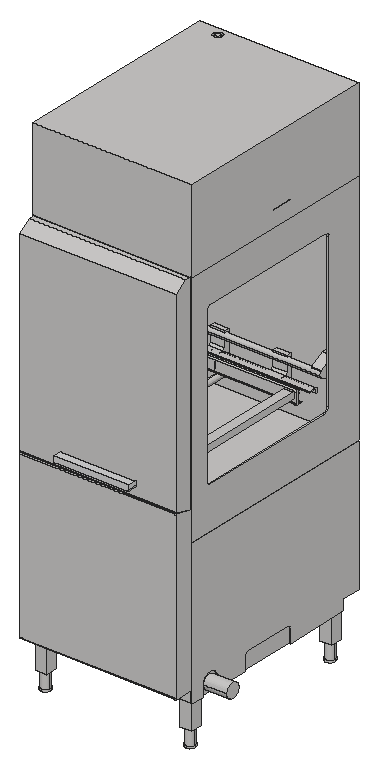
Revit family "QF_ELECTROLUXPROFESSIONAL_535036_EMPWEEW", category Specialty Equipment, Revit 2018
Family settings
  Round Connector Dimension = Use Diameter
  Part Type = Normal
  Work Plane-Based = No
  Always vertical = Yes
  Cut with Voids When Loaded = No
  Shared = No
  Room Calculation Point = No
Parameters
  Weight = 0.00 kg
  Watts = 0 W
  Volts = 380 V
  URL Manufacturer = "http://professional.electrolux.com/"
  URL = "http://professional.electrolux.com/"
  Steam Supply Size = 0 mm
  Steam Supply Minimum Pressure = 0.0 Pa
  Steam Supply Maximum Pressure = 0.0 Pa
  Steam Pounds per Hour = 0
  Show Clearance [instance] = yes
  Refrigeration Suction Line Size = 0 mm
  Refrigeration Liquid Line Size = 0 mm
  Refrigerant Compressor Remote = yes
  Manufacturer = "Electrolux"
  Phase = 3
  Model = "EMPWEEW"
  Length Actual = 555 mm  # constant formula
  Item Number = "535036"
  Hot Water Size = 0 mm
  Height Actual = 1785 mm  # constant formula
  HP = "9.9 HP"
  Gas Size = 0 mm
  Gas KW = 0
  Gas Input Pressure = 0 W
  Direct Waste Size = 50 mm
  Description = "MEDIUM PRE-WASH MODULE RT-ELE.ESD"
  Depth Actual = 825 mm  # constant formula
  Cycle = 50 Hz
  Condensate Return Size = 0 mm
  Compressed Air Volume = 0.0 L/s
  Compressed Air Size = 0 mm
  Compressed Air Pressure = 0.0 Pa
  Cold Water Size = 0 mm
  Accessory = yes
Reference planes
  plane 1 "Center X": y = -14.242
  plane 2: z = 0
  plane 3 "Center Y": x = 293.437
  plane 4 "LEFT": x = 13.437
  plane 5 "RIGHT": x = 573.437
  plane 6 "BACK": y = 383.258
  plane 7 "FRONT": y = -411.742
  plane 8: z = 150
  plane 9: z = 2095
  plane 10: z = 185
  plane 11 "TOP": z = 1785
Forms (mm)
  Extrusion 1, solid, material "QF_Clearance", visible <- "Show Clearance", detail levels coarse
    sketch origin (0, 0, 0) x (1, 0, 0) y (0, 1, 0)
      loop
        line (13.437, 383.258) -> (573.437, 383.258) -> (573.437, 433.258) -> (13.437, 433.258) -> (13.437, 383.258)
    from 0 to 1785
  Extrusion 2, solid, material "QF_Finishes_Stainless Steel"
    sketch origin (13.437, 437.565, 4000) x (0, 1, 0) y (0, 0, 1)
      loop
        line (-54.307, -2507) -> (-786.807, -2507) -> (-786.807, -3337)
        arc (-786.807, -3337) -> (-785.343, -3340.536) -> (-781.807, -3342) r 5
        line (-781.807, -3342) -> (-59.307, -3342)
        arc (-59.307, -3342) -> (-55.772, -3340.536) -> (-54.307, -3337) r 5
        line (-54.307, -3337) -> (-54.307, -2507)
      loop
        line (-203.511, -2625.157) -> (-705.104, -2625.157)
        arc (-705.104, -2625.157) -> (-717.267, -2630.195) -> (-722.305, -2642.358) r 17.201
        line (-722.305, -2642.358) -> (-722.305, -3177.057)
        arc (-722.305, -3177.057) -> (-717.267, -3189.22) -> (-705.104, -3194.258) r 17.201
        line (-705.104, -3194.258) -> (-203.511, -3194.258)
        arc (-203.511, -3194.258) -> (-191.348, -3189.22) -> (-186.31, -3177.057) r 17.201
        line (-186.31, -3177.057) -> (-186.31, -2642.358)
        arc (-186.31, -2642.358) -> (-191.348, -2630.195) -> (-203.511, -2625.157) r 17.201
    from 0 to 5
  Extrusion 3, solid, material "QF_Finishes_Stainless Steel"
    sketch origin (293.437, 0, 0) x (0, 1, 0) y (0, 0, 1)
      loop
        line (383.258, 1785) -> (-349.242, 1785) -> (-349.242, 1493) -> (383.258, 1493) -> (383.258, 1785)
    from -280 to 280
  Extrusion 4, solid, material "QF_Finishes_Stainless Steel"
    sketch origin (293.437, 0, 0) x (0, 1, 0) y (0, 0, 1)
      loop
        line (383.258, 1493) -> (-349.242, 1493) -> (-349.242, 150) -> (315.758, 150) -> (315.758, 188) -> (383.258, 188) -> (383.258, 1493)
      loop
        line (315.758, 1443) -> (-324.242, 1443) -> (-324.242, 708) -> (315.758, 708) -> (315.758, 1443)
    from -275 to 275
  Extrusion 5, solid, material "QF_Finishes_Stainless Steel"
    sketch origin (13.437, 437.565, 4000) x (0, 1, 0) y (0, 0, 1)
      loop
        line (-59.307, -3344) -> (-781.807, -3344)
        arc (-781.807, -3344) -> (-785.343, -3345.464) -> (-786.807, -3349) r 5
        line (-786.807, -3349) -> (-786.807, -3850) -> (-740.31, -3850) -> (-740.31, -3815)
        arc (-740.31, -3815) -> (-707.31, -3782) -> (-674.31, -3815) r 33
        line (-674.31, -3815) -> (-674.31, -3850) -> (-554.307, -3850) -> (-554.307, -3805)
        arc (-554.307, -3805) -> (-549.914, -3794.393) -> (-539.307, -3790) r 15
        line (-539.307, -3790) -> (-369.307, -3790)
        arc (-369.307, -3790) -> (-358.701, -3794.393) -> (-354.307, -3805) r 15
        line (-354.307, -3805) -> (-354.307, -3850) -> (-121.807, -3850) -> (-121.807, -3812) -> (-54.307, -3812) -> (-54.307, -3349)
        arc (-54.307, -3349) -> (-55.772, -3345.464) -> (-59.307, -3344) r 5
    from 0 to 5
  Extrusion 6, solid, material "QF_Finishes_Stainless Steel"
    sketch origin (573.437, 479.936, 4000) x (0, 1, 0) y (0, 0, 1)
      loop
        line (-96.678, -2507) -> (-829.178, -2507) -> (-829.178, -3337)
        arc (-829.178, -3337) -> (-827.714, -3340.536) -> (-824.178, -3342) r 5
        line (-824.178, -3342) -> (-101.678, -3342)
        arc (-101.678, -3342) -> (-98.142, -3340.536) -> (-96.678, -3337) r 5
        line (-96.678, -3337) -> (-96.678, -2507)
      loop
        line (-245.882, -2625.157) -> (-747.475, -2625.157)
        arc (-747.475, -2625.157) -> (-759.638, -2630.195) -> (-764.676, -2642.358) r 17.201
        line (-764.676, -2642.358) -> (-764.676, -3177.057)
        arc (-764.676, -3177.057) -> (-759.638, -3189.22) -> (-747.475, -3194.258) r 17.201
        line (-747.475, -3194.258) -> (-245.882, -3194.258)
        arc (-245.882, -3194.258) -> (-233.718, -3189.22) -> (-228.68, -3177.057) r 17.201
        line (-228.68, -3177.057) -> (-228.68, -2642.358)
        arc (-228.68, -2642.358) -> (-233.718, -2630.195) -> (-245.882, -2625.157) r 17.201
    from -5 to 0
  Extrusion 7, solid, material "QF_Finishes_Stainless Steel"
    sketch origin (573.437, 479.936, 4000) x (0, 1, 0) y (0, 0, 1)
      loop
        line (-101.678, -3344) -> (-824.178, -3344)
        arc (-824.178, -3344) -> (-827.714, -3345.464) -> (-829.178, -3349) r 5
        line (-829.178, -3349) -> (-829.178, -3850) -> (-782.68, -3850) -> (-782.68, -3815)
        arc (-782.68, -3815) -> (-749.68, -3782) -> (-716.68, -3815) r 33
        line (-716.68, -3815) -> (-716.68, -3850) -> (-596.678, -3850) -> (-596.678, -3805)
        arc (-596.678, -3805) -> (-592.285, -3794.393) -> (-581.678, -3790) r 15
        line (-581.678, -3790) -> (-411.678, -3790)
        arc (-411.678, -3790) -> (-401.071, -3794.393) -> (-396.678, -3805) r 15
        line (-396.678, -3805) -> (-396.678, -3850) -> (-164.178, -3850) -> (-164.178, -3812) -> (-96.678, -3812) -> (-96.678, -3349)
        arc (-96.678, -3349) -> (-98.142, -3345.464) -> (-101.678, -3344) r 5
    from -5 to 0
  Extrusion 8, void
    sketch origin (293.437, 383.258, 1785) x (1, 0, 0) y (0, -1, 0)
      loop
        circle (-188, 33.75) r 8
      loop
        circle (-188, 33.75) r 16
    from 0 to 5
Cuts and joins
  Extrusion 8 cuts Extrusion 3
Lines and regions (mm)
  symbolic lines, style "QF_Clearances", visible <- "Show Clearance", detail levels coarse
    curve 1: line (573.437, 433.258, 1785) -> (13.437, 433.258, 1785)
  symbolic lines
    curve 2: line (13.437, 383.258, 0) -> (573.437, 383.258, 0)
    curve 3: line (13.437, -349.242, 0) -> (13.437, 383.258, 0)
    curve 4: line (573.437, -349.242, 0) -> (13.437, -349.242, 0)
    curve 5: line (573.437, 383.258, 0) -> (573.437, -349.242, 0)
    curve 6: line (13.437, 315.758, 0) -> (573.437, 315.758, 0)
Dimensions and locks
  plane 4 "LEFT" to plane 5 "RIGHT" = 560 mm
  equal spacing: plane 6 "BACK", plane 1 "Center X", plane 7 "FRONT"
  plane 6 "BACK" to plane 7 "FRONT" = 795 mm
  plane 8 to level = 150 mm
  Extrusion 1 to Extrusion 8 sketch curve = 92 mm
  locked: Extrusion 5 to plane 4 "LEFT" at 5
  locked: plane 5 "RIGHT" to Extrusion 7 at 5
  aligned and locked: level to plane 2
  aligned and locked: plane 4 "LEFT" to nested 5
  aligned and locked: plane 5 "RIGHT" to nested 4
  aligned and locked: cut or joined group of Extrusion 3, Extrusion 8 to plane 4 "LEFT"
  aligned and locked: plane 5 "RIGHT" to cut or joined group of Extrusion 3, Extrusion 8
  aligned and locked: Extrusion 6 to Extrusion 7
  aligned and locked: Extrusion 4 to Extrusion 7
  aligned and locked: Extrusion 4 to Extrusion 5
  aligned and locked: curve 2 to plane 6 "BACK"
  aligned and locked: curve 5 to plane 5 "RIGHT"
  aligned and locked: plane 4 "LEFT" to curve 3
  aligned and locked: curve 4 to Extrusion 4
  aligned and locked: plane 11 "TOP" to Extrusion 1
  aligned and locked: plane 3 "Center Y" to nested 3
  aligned and locked: nested 2 to nested 1
  aligned and locked: nested 7 to nested 6
Automatic sketch dimensions
  Extrusion 1 sketch curve to plane 4 "LEFT" = 0 mm
  Extrusion 1 sketch curve to plane 5 "RIGHT" = 0 mm
  Extrusion 1 sketch curve to plane 6 "BACK" = 0 mm
  plane 6 "BACK" to Extrusion 1 sketch curve = 50 mm
  Extrusion 2 sketch curve to plane 6 "BACK" = 0 mm
  Extrusion 2 sketch curve to Extrusion 2 sketch curve = 5 mm  (x2)
  Extrusion 2 sketch curve to plane 6 "BACK" = 132.002 mm  (x2)
  Extrusion 2 sketch curve to Extrusion 2 sketch curve = 17.201 mm  (x3)
  plane 7 "FRONT" to Extrusion 2 sketch curve = 144.203 mm  (x2)
  plane 7 "FRONT" to Extrusion 2 sketch curve = 67.5 mm
  plane 10 to Extrusion 2 sketch curve = 473 mm
  Extrusion 2 sketch curve to Extrusion 2 sketch curve = 142.742 mm
  Extrusion 2 sketch curve to Extrusion 2 sketch curve = 0 mm  (x2)
  Extrusion 2 sketch curve to Extrusion 2 sketch curve = 534.698 mm
  Extrusion 2 sketch curve to Extrusion 2 sketch curve = 135.358 mm
  Extrusion 3 sketch curve to plane 6 "BACK" = 0 mm
  plane 7 "FRONT" to Extrusion 3 sketch curve = 62.5 mm
  Extrusion 3 sketch curve to Extrusion 3 sketch curve = 292 mm
  Extrusion 4 sketch curve to plane 8 = 0 mm
  Extrusion 4 sketch curve to plane 6 "BACK" = 0 mm
  plane 10 to Extrusion 4 sketch curve = 3 mm
  Extrusion 4 sketch curve to plane 6 "BACK" = 67.5 mm  (x2)
  plane 7 "FRONT" to Extrusion 4 sketch curve = 87.5 mm
  plane 7 "FRONT" to Extrusion 4 sketch curve = 62.5 mm
  Extrusion 4 sketch curve to Extrusion 4 sketch curve = 520 mm
  Extrusion 4 sketch curve to Extrusion 4 sketch curve = 50 mm
  Extrusion 5 sketch curve to plane 8 = 0 mm  (x3)
  Extrusion 5 sketch curve to plane 10 = 0 mm  (x2)
  Extrusion 5 sketch curve to plane 6 "BACK" = 0 mm
  Extrusion 5 sketch curve to plane 6 "BACK" = 5 mm
  plane 10 to Extrusion 5 sketch curve = 3 mm
  Extrusion 5 sketch curve to Extrusion 5 sketch curve = 67.5 mm
  Extrusion 5 sketch curve to plane 1 "Center X" = 97.5 mm
  Extrusion 5 sketch curve to Extrusion 5 sketch curve = 15 mm  (x2)
  plane 10 to Extrusion 5 sketch curve = 25 mm
  plane 1 "Center X" to Extrusion 5 sketch curve = 87.5 mm
  Extrusion 5 sketch curve to Extrusion 5 sketch curve = 120.002 mm
  Extrusion 5 sketch curve to Extrusion 5 sketch curve = 33 mm
  plane 7 "FRONT" to Extrusion 5 sketch curve = 67.5 mm
  Extrusion 5 sketch curve to Extrusion 5 sketch curve = 46.498 mm
  plane 10 to Extrusion 5 sketch curve = 466 mm
  Extrusion 6 sketch curve to plane 6 "BACK" = 0 mm
  Extrusion 6 sketch curve to plane 6 "BACK" = 5 mm
  Extrusion 6 sketch curve to plane 6 "BACK" = 132.002 mm  (x2)
  Extrusion 6 sketch curve to Extrusion 6 sketch curve = 17.201 mm  (x3)
  plane 7 "FRONT" to Extrusion 6 sketch curve = 144.203 mm  (x2)
  plane 7 "FRONT" to Extrusion 6 sketch curve = 67.5 mm
  Extrusion 6 sketch curve to Extrusion 6 sketch curve = 5 mm
  plane 10 to Extrusion 6 sketch curve = 473 mm
  Extrusion 6 sketch curve to Extrusion 6 sketch curve = 142.742 mm
  Extrusion 6 sketch curve to Extrusion 6 sketch curve = 0 mm  (x2)
  Extrusion 6 sketch curve to Extrusion 6 sketch curve = 534.698 mm
  Extrusion 6 sketch curve to Extrusion 6 sketch curve = 135.358 mm
  Extrusion 7 sketch curve to plane 8 = 0 mm  (x3)
  Extrusion 7 sketch curve to plane 10 = 0 mm  (x2)
  Extrusion 7 sketch curve to plane 6 "BACK" = 0 mm
  Extrusion 7 sketch curve to plane 6 "BACK" = 5 mm
  plane 10 to Extrusion 7 sketch curve = 3 mm
  Extrusion 7 sketch curve to plane 6 "BACK" = 67.5 mm
  Extrusion 7 sketch curve to plane 1 "Center X" = 97.5 mm
  Extrusion 7 sketch curve to Extrusion 7 sketch curve = 15 mm  (x2)
  plane 10 to Extrusion 7 sketch curve = 25 mm
  plane 1 "Center X" to Extrusion 7 sketch curve = 87.5 mm
  Extrusion 7 sketch curve to Extrusion 7 sketch curve = 120.002 mm
  Extrusion 7 sketch curve to Extrusion 7 sketch curve = 33 mm
  plane 7 "FRONT" to Extrusion 7 sketch curve = 67.5 mm
  Extrusion 7 sketch curve to Extrusion 7 sketch curve = 46.498 mm
  plane 10 to Extrusion 7 sketch curve = 466 mm
  Extrusion 8 sketch curve to Extrusion 8 sketch curve = 0 mm  (x2)
  Extrusion 3 to Extrusion 8 sketch curve = 33.75 mm
  curve 1 to Extrusion 3 = 0 mm  (x2)
  curve 1 to Extrusion 3 = 50 mm
  curve 6 to plane 6 "BACK" = 67.5 mm
  Extrusion 3 sketch curve to plane 11 "TOP" = 0 mm
  Extrusion 4 sketch curve to plane 11 "TOP" = 342 mm
  radius of Extrusion 8 sketch curve = 8 mm
  radius of Extrusion 8 sketch curve = 16 mm
Nested families
  nested 1: "Foot_40x40_H150" at (547.437, -324.742, 0), type "Foot_40x40_H150"
  nested 2: "Foot_40x40_H150" at (547.437, 291.258, 0), type "Foot_40x40_H150"
  nested 3: "Basket_Guide+Wash_Arm_22''" at (0, 0, 0), type "Basket_Guide+Wash_Arm_22''"
  nested 4: "Drain_DX" at (-610, 0, 0), type "Drain_DX"
  nested 5: "HWI-CWI_DX" at (610, 0, 0), type "HWI-CWI_DX"
  nested 6: "Foot_40x40_H150" at (39.437, -324.742, 0) x (-1, 0, 0) z (0, 0, 1), type "Foot_40x40_H150"
  nested 7: "Foot_40x40_H150" at (39.437, 291.258, 0) x (-1, 0, 0) z (0, 0, 1), type "Foot_40x40_H150"
  nested 8: "Door_22''" at (50, 0, 0), Show Clearance <- "Show Clearance", type "Door_22''"
Connectors
  piping at (653.437, -269.744, 185), diameter 50
    settings: on nested 4, index 2, connector inside diameter 609.6 mm, connector length 0 mm, flow factor 0, pipe flow 0.0 L/s, pressure drop 0.0 Pa, fitting loss kfactor 0, connector angle 0.00°, fixture units 0, engagement length 0 mm, angle of deflection 0.00°, flow configuration 1, flow direction 2, fitting loss method 0, system type 16, joint type 0, gender type 0, connector reference index -1, connector utility 0, adjustable connector no, is connector primary yes, connector description "Drain"
  piping at (-66.563, 53.258, 185), diameter 36
    settings: on nested 5, index 3, connector inside diameter 609.6 mm, connector length 0 mm, flow factor 0, pipe flow 0.0 L/s, pressure drop 0.0 Pa, fitting loss kfactor 0, connector angle 0.00°, fixture units 0, engagement length 0 mm, angle of deflection 0.00°, flow configuration 1, flow direction 1, fitting loss method 0, system type 19, joint type 0, gender type 0, connector reference index -1, connector utility 0, adjustable connector no, is connector primary no, connector description "Hot Water Inlet"
  piping at (-66.563, -86.742, 185), diameter 36
    settings: on nested 5, index 4, connector inside diameter 609.6 mm, connector length 0 mm, flow factor 0, pipe flow 0.0 L/s, pressure drop 0.0 Pa, fitting loss kfactor 0, connector angle 0.00°, fixture units 0, engagement length 0 mm, angle of deflection 0.00°, flow configuration 1, flow direction 1, fitting loss method 0, system type 20, joint type 0, gender type 0, connector reference index -1, connector utility 0, adjustable connector no, is connector primary no, connector description "Cold Water Inlet"
  electrical at (105.437, 349.508, 1785), driven by "Volts"
    settings: on cut or joined group of Extrusion 3, Extrusion 8, index 5, voltage 380 V, apparent load 0 VA, apparent load phase1 0 VA, apparent load phase2 0 VA, apparent load phase3 0 VA, power factor 1, load classification "Altro", number of poles 1, system type 30, power factor state 1, is connector primary yes, connector utility no, sub classification motor no, connector description "Electrical Connection"
Definition of nested family "Foot_40x40_H150"
  Reference planes
    plane 1 "Centro (Fronte/Retro)": y = 0
    plane 2: z = 0
    plane 3 "Centro (Sinistra/Destra)": x = 0
    plane 4: z = 150
  Forms (mm)
    Extrusion 1, solid
      sketch origin (0, 0, 0) x (1, 0, 0) y (0, 1, 0)
        loop
          circle (0, 0) r 18
      from 0 to 5
    Extrusion 2, solid
      sketch origin (0, 0, 5) x (1, 0, 0) y (0, 1, 0)
        loop
          circle (0, 0) r 15
      from 0 to 55
    Extrusion 3, solid
      sketch origin (0, 0, 60) x (1, 0, 0) y (0, 1, 0)
        loop
          line (-20, 20) -> (-20, -20) -> (20, -20) -> (20, 20) -> (-20, 20)
      from 0 to 90
  Dimensions and locks
    aligned and locked: level to plane 2
    aligned and locked: plane 4 to Extrusion 3
    aligned and locked: Extrusion 1 to level
Definition of nested family "Basket_Guide+Wash_Arm_22''"
  Reference planes
    plane 1 "Center X": y = -14.242
    plane 2: z = 0
    plane 3 "Center Y": x = 293.437
    plane 4 "LEFT": x = 13.437
    plane 5 "RIGHT": x = 573.437
    plane 6 "BACK": y = 383.258
    plane 7 "FRONT": y = -411.742
    plane 8: z = 150
    plane 9 "TOP": z = 1785
    plane 10: z = 875
  Forms (mm)
    Extrusion 1, solid
      sketch origin (293.437, 0, 0) x (0, 1, 0) y (0, 0, 1)
        loop
          line (-276.187, 929.245) -> (-324.242, 956.99) -> (-324.242, 879.81) -> (-276.187, 907.554) -> (-276.187, 929.245)
        loop
          line (247.703, 929.245) -> (247.703, 907.554) -> (295.758, 879.81) -> (315.758, 879.81) -> (315.758, 956.99) -> (295.758, 956.99) -> (247.703, 929.245)
      from 259 to 223
    Extrusion 2, solid
      sketch origin (293.437, 0, 0) x (0, 1, 0) y (0, 0, 1)
        loop
          line (-279.487, 880.8) -> (-279.487, 933.4) -> (-296.908, 933.4) -> (-296.908, 856.308) -> (-244.984, 804.385) -> (-236.263, 763.388) -> (-235.285, 763.596) -> (-244.068, 804.882) -> (-272.884, 833.698) -> (-236.487, 833.698) -> (-236.487, 855.89) -> (-256.487, 855.89) -> (-256.487, 872.8) -> (-271.487, 872.8) -> (-279.487, 880.8)
        loop
          line (251.003, 880.8) -> (243.003, 872.8) -> (228.003, 872.8) -> (228.003, 855.89) -> (208.003, 855.89) -> (208.003, 833.698) -> (245.814, 833.698) -> (268.424, 856.308) -> (268.424, 933.4) -> (251.003, 933.4) -> (251.003, 880.8)
        loop
          line (-251.685, 1443) -> (-251.685, 1420.164) -> (-229.067, 1380.988) -> (-227.335, 1381.988) -> (-249.685, 1420.7) -> (-249.685, 1443) -> (-251.685, 1443)
      from 135 to 85
    Extrusion 3, solid
      sketch origin (293.437, 0, 0) x (0, 1, 0) y (0, 0, 1)
        loop
          line (-234.318, 858) -> (-234.318, 836) -> (205.835, 836) -> (205.835, 858) -> (-234.318, 858)
      from 195 to 160
    Extrusion 4, solid
      sketch origin (293.437, 0, 0) x (0, 1, 0) y (0, 0, 1)
        loop
          line (-276.187, 929.245) -> (-324.242, 956.99) -> (-324.242, 879.81) -> (-276.187, 907.554) -> (-276.187, 929.245)
        loop
          line (247.703, 929.245) -> (247.703, 907.554) -> (295.758, 879.81) -> (315.758, 879.81) -> (315.758, 956.99) -> (295.758, 956.99) -> (247.703, 929.245)
      from -259 to -223
    Extrusion 5, solid
      sketch origin (293.437, 0, 0) x (0, 1, 0) y (0, 0, 1)
        loop
          circle (-279.187, 918.4) r 10
        loop
          circle (250.703, 918.4) r 10
      from -259 to 259
    Extrusion 6, solid
      sketch origin (293.437, 0, 0) x (0, 1, 0) y (0, 0, 1)
        loop
          line (-279.487, 880.8) -> (-279.487, 933.4) -> (-296.908, 933.4) -> (-296.908, 856.308) -> (-244.984, 804.385) -> (-236.263, 763.388) -> (-235.285, 763.596) -> (-244.068, 804.882) -> (-272.884, 833.698) -> (-236.487, 833.698) -> (-236.487, 855.89) -> (-256.487, 855.89) -> (-256.487, 872.8) -> (-271.487, 872.8) -> (-279.487, 880.8)
        loop
          line (251.003, 880.8) -> (243.003, 872.8) -> (228.003, 872.8) -> (228.003, 855.89) -> (208.003, 855.89) -> (208.003, 833.698) -> (245.814, 833.698) -> (268.424, 856.308) -> (268.424, 933.4) -> (251.003, 933.4) -> (251.003, 880.8)
        loop
          line (-251.685, 1443) -> (-251.685, 1420.164) -> (-229.067, 1380.988) -> (-227.335, 1381.988) -> (-249.685, 1420.7) -> (-249.685, 1443) -> (-251.685, 1443)
      from -135 to -85
    Extrusion 7, solid
      sketch origin (293.437, 0, 0) x (0, 1, 0) y (0, 0, 1)
        loop
          line (240.615, 858) -> (242.615, 858) -> (242.615, 870.68)
          arc (242.615, 870.68) -> (241.349, 873.735) -> (238.294, 875) r 4.32
          line (238.294, 875) -> (210.615, 875) -> (210.615, 873) -> (238.294, 873)
          arc (238.294, 873) -> (239.935, 872.32) -> (240.615, 870.68) r 2.32
          line (240.615, 870.68) -> (240.615, 858)
        loop
          line (-269.098, 858) -> (-269.098, 870.68)
          arc (-269.098, 870.68) -> (-268.419, 872.32) -> (-266.778, 873) r 2.32
          line (-266.778, 873) -> (-239.098, 873) -> (-239.098, 875) -> (-266.778, 875)
          arc (-266.778, 875) -> (-269.833, 873.735) -> (-271.098, 870.68) r 4.32
          line (-271.098, 870.68) -> (-271.098, 858) -> (-269.098, 858)
      from -245 to 245
    Extrusion 8, solid
      sketch origin (293.437, 0, 0) x (0, 1, 0) y (0, 0, 1)
        loop
          line (207.835, 825.32) -> (207.835, 861.68)
          arc (207.835, 861.68) -> (208.514, 863.32) -> (210.155, 864) r 2.32
          line (210.155, 864) -> (227.835, 864) -> (227.835, 866) -> (210.155, 866)
          arc (210.155, 866) -> (207.1, 864.735) -> (205.835, 861.68) r 4.32
          line (205.835, 861.68) -> (205.835, 825.32)
          arc (205.835, 825.32) -> (207.1, 822.265) -> (210.155, 821) r 4.32
          line (210.155, 821) -> (227.835, 821) -> (227.835, 823) -> (210.155, 823)
          arc (210.155, 823) -> (208.514, 823.679) -> (207.835, 825.32) r 2.32
        loop
          arc (-236.318, 825.32) -> (-236.998, 823.679) -> (-238.639, 823) r 2.32
          line (-238.639, 823) -> (-256.318, 823) -> (-256.318, 821) -> (-238.639, 821)
          arc (-238.639, 821) -> (-235.584, 822.265) -> (-234.318, 825.32) r 4.32
          line (-234.318, 825.32) -> (-234.318, 861.68)
          arc (-234.318, 861.68) -> (-235.584, 864.735) -> (-238.639, 866) r 4.32
          line (-238.639, 866) -> (-256.318, 866) -> (-256.318, 864) -> (-238.639, 864)
          arc (-238.639, 864) -> (-236.998, 863.32) -> (-236.318, 861.68) r 2.32
          line (-236.318, 861.68) -> (-236.318, 825.32)
      from -205 to 205
    Extrusion 9, solid
      sketch origin (293.437, 0, 0) x (0, 1, 0) y (0, 0, 1)
        loop
          line (-234.318, 858) -> (-234.318, 836) -> (205.835, 836) -> (205.835, 858) -> (-234.318, 858)
      from -195 to -160
    Extrusion 10, solid
      sketch origin (128.437, 315.758, 1443) x (0, 0, 1) y (-1, 0, 0)
        loop
          line (-650.516, -267.5) -> (-663.507, -260) -> (-676.497, -267.5) -> (-676.497, -282.5) -> (-663.507, -290) -> (-650.516, -282.5) -> (-650.516, -267.5)
        loop
          line (-22.01, -267.5) -> (-35, -260) -> (-47.99, -267.5) -> (-47.99, -282.5) -> (-35, -290) -> (-22.01, -282.5) -> (-22.01, -267.5)
        loop
          line (-650.516, -47.5) -> (-663.507, -40) -> (-676.497, -47.5) -> (-676.497, -62.5) -> (-663.507, -70) -> (-650.516, -62.5) -> (-650.516, -47.5)
        loop
          line (-22.01, -47.5) -> (-35, -40) -> (-47.99, -47.5) -> (-47.99, -62.5) -> (-35, -70) -> (-22.01, -62.5) -> (-22.01, -47.5)
      from 0 to 30
    Extrusion 11, solid
      sketch origin (128.437, 285.758, 1443) x (0, 0, 1) y (-1, 0, 0)
        loop
          circle (-663.507, -275) r 10
        loop
          circle (-35, -275) r 10
        loop
          circle (-663.507, -55) r 10
        loop
          circle (-35, -55) r 10
      from 0 to 537.443
  Cuts and joins
    joined: Extrusion 1, Extrusion 2, Extrusion 4, Extrusion 5, Extrusion 6, Extrusion 7, Extrusion 10, Extrusion 11
    joined: Extrusion 3, Extrusion 8, Extrusion 9
  Dimensions and locks
    plane 4 "LEFT" to plane 5 "RIGHT" = 560 mm
    plane 4 "LEFT" to plane 3 "Center Y" to plane 5 "RIGHT" = 280 mm, 280 mm
    equal spacing: plane 6 "BACK", plane 1 "Center X", plane 7 "FRONT"  (x2)
    plane 6 "BACK" to plane 7 "FRONT" = 795 mm  (x2)
    plane 9 "TOP" to plane 8 to level = 1635 mm, 150 mm
    aligned and locked: level to plane 2
  Automatic sketch dimensions
    Extrusion 10 sketch curve to plane 10 = 108.497 mm  (x2)
    Extrusion 10 sketch curve to Extrusion 10 sketch curve = 12.99 mm  (x13)
    plane 3 "Center Y" to Extrusion 10 sketch curve = 117.5 mm
    Extrusion 10 sketch curve to plane 9 "TOP" = 389.99 mm
    plane 3 "Center Y" to Extrusion 10 sketch curve = 125 mm  (x2)
    plane 3 "Center Y" to Extrusion 10 sketch curve = 95 mm
    plane 3 "Center Y" to Extrusion 10 sketch curve = 102.5 mm
    Extrusion 10 sketch curve to Extrusion 10 sketch curve = 7.5 mm  (x8)
    Extrusion 10 sketch curve to Extrusion 10 sketch curve = 15 mm  (x7)
    Extrusion 11 sketch curve to Extrusion 10 = 12.99 mm  (x5)
    Extrusion 11 sketch curve to Extrusion 11 sketch curve = 0 mm
    plane 7 "FRONT" to Extrusion 1 sketch curve = 87.5 mm
    plane 10 to Extrusion 1 sketch curve = 32.554 mm
    Extrusion 1 sketch curve to Extrusion 1 sketch curve = 48.055 mm  (x3)
    plane 10 to Extrusion 1 sketch curve = 54.245 mm
    Extrusion 1 sketch curve to plane 6 "BACK" = 135.555 mm
    plane 10 to Extrusion 1 sketch curve = 4.81 mm  (x2)
    Extrusion 1 sketch curve to Extrusion 1 sketch curve = 20 mm
    Extrusion 1 sketch curve to Extrusion 1 sketch curve = 21.691 mm  (x2)
    Extrusion 1 sketch curve to Extrusion 1 sketch curve = 27.745 mm  (x2)
    Extrusion 2 sketch curve to plane 10 = 18.692 mm  (x2)
    plane 7 "FRONT" to Extrusion 2 sketch curve = 114.834 mm
    plane 10 to Extrusion 2 sketch curve = 58.4 mm
    Extrusion 2 sketch curve to Extrusion 2 sketch curve = 17.421 mm  (x3)
    plane 10 to Extrusion 2 sketch curve = 5.8 mm  (x2)
    Extrusion 2 sketch curve to Extrusion 2 sketch curve = 24.024 mm
    Extrusion 2 sketch curve to plane 10 = 2.2 mm  (x2)
    Extrusion 2 sketch curve to Extrusion 2 sketch curve = 8 mm  (x2)
    Extrusion 2 sketch curve to Extrusion 2 sketch curve = 15 mm  (x2)
    plane 7 "FRONT" to Extrusion 2 sketch curve = 160.057 mm
    Extrusion 2 sketch curve to Extrusion 2 sketch curve = 2 mm
    Extrusion 2 sketch curve to plane 10 = 70.615 mm
    Extrusion 2 sketch curve to Extrusion 2 sketch curve = 27.899 mm
    Extrusion 2 sketch curve to plane 10 = 70.118 mm
    Extrusion 2 sketch curve to Extrusion 2 sketch curve = 0.916 mm
    Extrusion 2 sketch curve to Extrusion 2 sketch curve = 7.581 mm
    Extrusion 2 sketch curve to Extrusion 2 sketch curve = 8.721 mm
    Extrusion 2 sketch curve to plane 10 = 111.404 mm
    Extrusion 2 sketch curve to Extrusion 2 sketch curve = 20.618 mm
    Extrusion 2 sketch curve to Extrusion 2 sketch curve = 1.732 mm
    Extrusion 2 sketch curve to plane 10 = 41.302 mm
    Extrusion 2 sketch curve to plane 6 "BACK" = 175.255 mm
    Extrusion 2 sketch curve to Extrusion 2 sketch curve = 20 mm
    Extrusion 2 sketch curve to Extrusion 2 sketch curve = 17.811 mm
    Extrusion 2 sketch curve to Extrusion 2 sketch curve = 0 mm
    Extrusion 2 sketch curve to Extrusion 2 sketch curve = 22.61 mm
    Extrusion 2 sketch curve to Extrusion 2 sketch curve = 16.909 mm  (x2)
    Extrusion 2 sketch curve to Extrusion 2 sketch curve = 52.6 mm
    Extrusion 2 sketch curve to plane 9 "TOP" = 404.012 mm
    Extrusion 2 sketch curve to Extrusion 2 sketch curve = 1 mm
    Extrusion 2 sketch curve to Extrusion 2 sketch curve = 22.3 mm
    Extrusion 3 sketch curve to plane 10 = 39 mm
    plane 7 "FRONT" to Extrusion 3 sketch curve = 177.423 mm
    Extrusion 3 sketch curve to plane 6 "BACK" = 177.423 mm
    Extrusion 3 sketch curve to plane 10 = 17 mm
    plane 7 "FRONT" to Extrusion 4 sketch curve = 87.5 mm
    plane 10 to Extrusion 4 sketch curve = 32.554 mm
    Extrusion 4 sketch curve to Extrusion 4 sketch curve = 48.055 mm  (x3)
    plane 10 to Extrusion 4 sketch curve = 54.245 mm
    Extrusion 4 sketch curve to plane 6 "BACK" = 135.555 mm
    plane 10 to Extrusion 4 sketch curve = 4.81 mm  (x2)
    Extrusion 4 sketch curve to Extrusion 4 sketch curve = 20 mm
    Extrusion 4 sketch curve to Extrusion 4 sketch curve = 21.691 mm  (x2)
    Extrusion 4 sketch curve to Extrusion 4 sketch curve = 27.745 mm  (x2)
    plane 10 to Extrusion 5 sketch curve = 43.4 mm  (x2)
    plane 7 "FRONT" to Extrusion 5 sketch curve = 132.555 mm
    Extrusion 5 sketch curve to plane 6 "BACK" = 132.555 mm
    Extrusion 6 sketch curve to plane 10 = 18.692 mm  (x2)
    plane 7 "FRONT" to Extrusion 6 sketch curve = 114.834 mm
    plane 10 to Extrusion 6 sketch curve = 58.4 mm
    Extrusion 6 sketch curve to Extrusion 6 sketch curve = 17.421 mm  (x3)
    plane 10 to Extrusion 6 sketch curve = 5.8 mm  (x2)
    Extrusion 6 sketch curve to Extrusion 6 sketch curve = 24.024 mm
    Extrusion 6 sketch curve to plane 10 = 2.2 mm  (x2)
    Extrusion 6 sketch curve to Extrusion 6 sketch curve = 8 mm  (x2)
    Extrusion 6 sketch curve to Extrusion 6 sketch curve = 15 mm  (x2)
    plane 7 "FRONT" to Extrusion 6 sketch curve = 160.057 mm
    Extrusion 6 sketch curve to Extrusion 6 sketch curve = 2 mm
    Extrusion 6 sketch curve to plane 10 = 70.615 mm
    Extrusion 6 sketch curve to Extrusion 6 sketch curve = 27.899 mm
    Extrusion 6 sketch curve to plane 10 = 70.118 mm
    Extrusion 6 sketch curve to Extrusion 6 sketch curve = 0.916 mm
    Extrusion 6 sketch curve to Extrusion 6 sketch curve = 7.581 mm
    Extrusion 6 sketch curve to Extrusion 6 sketch curve = 8.721 mm
    Extrusion 6 sketch curve to plane 10 = 111.404 mm
    Extrusion 6 sketch curve to Extrusion 6 sketch curve = 20.618 mm
    Extrusion 6 sketch curve to Extrusion 6 sketch curve = 1.732 mm
    Extrusion 6 sketch curve to plane 10 = 41.302 mm
    Extrusion 6 sketch curve to plane 6 "BACK" = 175.255 mm
    Extrusion 6 sketch curve to Extrusion 6 sketch curve = 20 mm
    Extrusion 6 sketch curve to Extrusion 6 sketch curve = 17.811 mm
    Extrusion 6 sketch curve to Extrusion 6 sketch curve = 0 mm
    Extrusion 6 sketch curve to Extrusion 6 sketch curve = 22.61 mm
    Extrusion 6 sketch curve to Extrusion 6 sketch curve = 16.909 mm  (x2)
    Extrusion 6 sketch curve to Extrusion 6 sketch curve = 52.6 mm
    Extrusion 6 sketch curve to plane 9 "TOP" = 404.012 mm
    Extrusion 6 sketch curve to Extrusion 6 sketch curve = 1 mm
    Extrusion 6 sketch curve to Extrusion 6 sketch curve = 22.3 mm
    Extrusion 7 sketch curve to Extrusion 7 sketch curve = 0 mm  (x4)
    Extrusion 7 sketch curve to plane 10 = 0 mm  (x2)
    Extrusion 7 sketch curve to plane 10 = 17 mm
    plane 7 "FRONT" to Extrusion 7 sketch curve = 140.644 mm
    Extrusion 7 sketch curve to Extrusion 7 sketch curve = 2 mm
    Extrusion 7 sketch curve to Extrusion 7 sketch curve = 2.32 mm
    Extrusion 7 sketch curve to Extrusion 7 sketch curve = 27.68 mm  (x2)
    Extrusion 7 sketch curve to plane 10 = 2 mm
    Extrusion 7 sketch curve to plane 6 "BACK" = 172.644 mm
    Extrusion 7 sketch curve to plane 10 = 4.32 mm
    Extrusion 7 sketch curve to Extrusion 7 sketch curve = 12.68 mm
    Extrusion 8 sketch curve to Extrusion 8 sketch curve = 0 mm  (x9)
    Extrusion 8 sketch curve to plane 10 = 54 mm
    plane 7 "FRONT" to Extrusion 8 sketch curve = 155.423 mm
    Extrusion 8 sketch curve to plane 10 = 9 mm
    Extrusion 8 sketch curve to Extrusion 8 sketch curve = 17.68 mm  (x4)
    Extrusion 8 sketch curve to plane 10 = 11 mm
    Extrusion 8 sketch curve to Extrusion 8 sketch curve = 2.32 mm  (x3)
    Extrusion 8 sketch curve to plane 10 = 49.68 mm
    Extrusion 8 sketch curve to plane 6 "BACK" = 177.423 mm
    Extrusion 8 sketch curve to Extrusion 8 sketch curve = 2 mm
    Extrusion 8 sketch curve to plane 10 = 13.32 mm
    Extrusion 9 sketch curve to plane 10 = 39 mm
    plane 7 "FRONT" to Extrusion 9 sketch curve = 177.423 mm
    Extrusion 9 sketch curve to plane 6 "BACK" = 177.423 mm
    Extrusion 9 sketch curve to plane 10 = 17 mm
    Extrusion 10 sketch curve to plane 3 "Center Y" = 95 mm  (x2)
    Extrusion 10 sketch curve to plane 3 "Center Y" = 125 mm
    Extrusion 10 sketch curve to plane 3 "Center Y" = 117.5 mm
    Extrusion 11 sketch curve to Extrusion 11 sketch curve = 220 mm  (x2)
    radius of Extrusion 11 sketch curve = 10 mm  (x4)
    radius of Extrusion 5 sketch curve = 10 mm  (x2)
Definition of nested family "Drain_DX"
  Reference planes
    plane 1: z = 0
    plane 2 "RIGHT": x = 1183.437
    plane 3 "BACK": y = 383.258
    plane 4 "FRONT": y = -411.742
    plane 5: z = 150
    plane 6 "TOP": z = 1785
  Forms (mm)
    Extrusion 1, solid
      sketch origin (1183.437, 437.565, 4000) x (0, 1, 0) y (0, 0, 1)
        loop
          circle (-707.31, -3815) r 25
      from -5 to 80
  Dimensions and locks
    plane 3 "BACK" to plane 4 "FRONT" = 795 mm
    plane 6 "TOP" to plane 5 to level = 1635 mm, 150 mm
    aligned and locked: level to plane 1
Definition of nested family "HWI-CWI_DX"
  Reference planes
    plane 1: z = 0
    plane 2 "LEFT": x = -596.563
    plane 3 "BACK": y = 383.258
    plane 4 "FRONT": y = -411.742
    plane 5: z = 150
    plane 6 "TOP": z = 1785
  Forms (mm)
    Revolve 1, solid
      sketch origin (4267.2, -349.242, 185) x (0, -1, 0) y (1, 0, 0)
        loop
          line (-402.5, -4943.763) -> (-402.5, -4858.763) -> (-420.5, -4858.763) -> (-420.5, -4876.167) -> (-416.808, -4876.167) -> (-416.808, -4880.167) -> (-420.5, -4880.167) -> (-420.5, -4894.168) -> (-418.588, -4894.168) -> (-418.588, -4898.168) -> (-416.588, -4898.168) -> (-416.588, -4899.868)
          spline (-416.588, -4899.868) -> (-416.342, -4901.916) -> (-415.73, -4903.656) -> (-414.933, -4905.149) -> (-414.137, -4906.456) -> (-413.524, -4907.64) -> (-413.279, -4908.762) -> (-413.524, -4909.884) -> (-414.137, -4911.068) -> (-414.933, -4912.376) -> (-415.73, -4913.868) -> (-416.342, -4915.608) -> (-416.588, -4917.657)
          line (-416.588, -4917.657) -> (-416.588, -4925.762) -> (-418.588, -4925.762) -> (-418.588, -4929.762) -> (-420.5, -4929.762) -> (-420.5, -4943.763) -> (-402.5, -4943.763)
        axis (-402.5, -4858.763) -> (-402.5, -4943.763)
      angle from 0 to 360
    Revolve 2, solid
      sketch origin (4267.2, -349.242, 185) x (0, -1, 0) y (1, 0, 0)
        loop
          line (-262.5, -4943.763) -> (-262.5, -4858.763) -> (-280.5, -4858.763) -> (-280.5, -4876.167) -> (-276.808, -4876.167) -> (-276.808, -4880.167) -> (-280.5, -4880.167) -> (-280.5, -4894.168) -> (-278.588, -4894.168) -> (-278.588, -4898.168) -> (-276.588, -4898.168) -> (-276.588, -4899.868)
          spline (-276.588, -4899.868) -> (-276.342, -4901.916) -> (-275.73, -4903.656) -> (-274.933, -4905.149) -> (-274.137, -4906.456) -> (-273.524, -4907.64) -> (-273.279, -4908.762) -> (-273.524, -4909.884) -> (-274.137, -4911.068) -> (-274.933, -4912.376) -> (-275.73, -4913.868) -> (-276.342, -4915.608) -> (-276.588, -4917.657)
          line (-276.588, -4917.657) -> (-276.588, -4925.762) -> (-278.588, -4925.762) -> (-278.588, -4929.762) -> (-280.5, -4929.762) -> (-280.5, -4943.763) -> (-262.5, -4943.763)
        axis (-262.5, -4858.763) -> (-262.5, -4943.763)
      angle from 0 to 360
  Dimensions and locks
    plane 3 "BACK" to plane 4 "FRONT" = 795 mm  (x2)
    plane 6 "TOP" to plane 5 to level = 1635 mm, 150 mm
    aligned and locked: level to plane 1
Definition of nested family "Door_22''"
  Parameters
    Show Clearance [instance] = yes
  Reference planes
    plane 1: z = 0
    plane 2 "Center Y": x = 243.437
    plane 3 "LEFT": x = -36.563
    plane 4 "RIGHT": x = 523.437
    plane 5 "FRONT": y = -411.742
    plane 6: z = 150
    plane 7 "TOP": z = 1785
    plane 8: z = 2095
    plane 9: z = 185
    plane 10: y = -349.242
  Forms (mm)
    Extrusion 1, solid
      sketch origin (853.437, -411.742, 1493) x (0, 0, -1) y (1, 0, 0)
        loop
          line (666, -741) -> (681, -741)
          arc (681, -741) -> (684.536, -739.536) -> (686, -736) r 5
          line (686, -736) -> (686, -484)
          arc (686, -484) -> (684.536, -480.464) -> (681, -479) r 5
          line (681, -479) -> (666, -479) -> (666, -741)
      from 0 to 30
    Extrusion 2, solid
      sketch origin (243.437, 0, 0) x (0, 1, 0) y (0, 0, 1)
        loop
          line (-349.242, 188) -> (-349.242, 758.131) -> (-408.595, 774.035)
          arc (-408.595, 774.035) -> (-410.764, 773.603) -> (-411.742, 771.62) r 2.5
          line (-411.742, 771.62) -> (-411.742, 190.5)
          arc (-411.742, 190.5) -> (-411.01, 188.732) -> (-409.242, 188) r 2.5
          line (-409.242, 188) -> (-349.242, 188)
      from -275 to 275
    Extrusion 3, solid
      sketch origin (243.437, 0, 0) x (0, 1, 0) y (0, 0, 1)
        loop
          line (-352.242, 1493) -> (-369.317, 1493) -> (-411.742, 1463.413) -> (-411.742, 778.225)
          arc (-411.742, 778.225) -> (-411.225, 776.703) -> (-409.889, 775.81) r 2.5
          line (-409.889, 775.81) -> (-355.389, 761.206)
          arc (-355.389, 761.206) -> (-353.22, 761.638) -> (-352.242, 763.621) r 2.5
          line (-352.242, 763.621) -> (-352.242, 1493)
      from -275 to 275
    Extrusion 4, solid, visible <- "Show Clearance", detail levels coarse
      sketch origin (853.437, -411.742, 2095) x (0, 0, -1) y (1, 0, 0)
        loop
          line (666, -741) -> (681, -741)
          arc (681, -741) -> (684.536, -739.536) -> (686, -736) r 5
          line (686, -736) -> (686, -484)
          arc (686, -484) -> (684.536, -480.464) -> (681, -479) r 5
          line (681, -479) -> (666, -479) -> (666, -741)
      from 0 to 30
    Extrusion 5, solid, visible <- "Show Clearance", detail levels coarse
      sketch origin (243.437, 0, 602) x (0, 1, 0) y (0, 0, 1)
        loop
          line (-352.242, 1493) -> (-369.317, 1493) -> (-411.742, 1463.413) -> (-411.742, 861.413) -> (-369.317, 891) -> (-352.242, 891) -> (-352.242, 1493)
      from -275 to 275
  Lines and regions (mm)
    symbolic lines
      curve 1: line (-31.563, -411.742, 1785) -> (-31.563, -349.242, 1785)
      curve 2: line (518.437, -411.742, 1785) -> (-31.563, -411.742, 1785)
      curve 3: line (518.437, -349.242, 1785) -> (518.437, -411.742, 1785)
      curve 4: line (112.437, -441.742, 1785) -> (112.437, -411.742, 1785)
      curve 5: line (374.437, -441.742, 1785) -> (112.437, -441.742, 1785)
      curve 6: line (374.437, -411.742, 1785) -> (374.437, -441.742, 1785)
  Dimensions and locks
    plane 3 "LEFT" to plane 4 "RIGHT" = 560 mm
    plane 7 "TOP" to plane 6 to level = 1635 mm, 150 mm
    equal spacing: plane 3 "LEFT", plane 2 "Center Y", plane 4 "RIGHT"
    locked: plane 3 "LEFT" to Extrusion 5 at 5
    locked: Extrusion 5 to plane 4 "RIGHT" at 5
    aligned and locked: level to plane 1
    aligned and locked: Extrusion 3 to Extrusion 5
    aligned and locked: Extrusion 2 to Extrusion 5
    aligned and locked: Extrusion 3 to Extrusion 2
    aligned and locked: Extrusion 5 to Extrusion 2
    aligned and locked: curve 1 to Extrusion 5
    aligned and locked: curve 3 to Extrusion 5
    aligned and locked: Extrusion 4 to Extrusion 1
  Automatic sketch dimensions
    Extrusion 1 sketch curve to plane 2 "Center Y" = 131 mm
    plane 9 to Extrusion 1 sketch curve = 642 mm
    Extrusion 1 sketch curve to Extrusion 1 sketch curve = 15 mm  (x2)
    Extrusion 1 sketch curve to Extrusion 1 sketch curve = 5 mm
    plane 2 "Center Y" to Extrusion 1 sketch curve = 126 mm
    Extrusion 2 sketch curve to plane 5 "FRONT" = 0 mm
    Extrusion 2 sketch curve to plane 10 = 0 mm
    plane 5 "FRONT" to Extrusion 2 sketch curve = 2.5 mm
    Extrusion 2 sketch curve to Extrusion 2 sketch curve = 2.5 mm
    Extrusion 2 sketch curve to Extrusion 2 sketch curve = 0.647 mm
    plane 9 to Extrusion 2 sketch curve = 3 mm
    Extrusion 2 sketch curve to Extrusion 2 sketch curve = 570.131 mm
    Extrusion 2 sketch curve to Extrusion 2 sketch curve = 13.489 mm
    Extrusion 3 sketch curve to plane 5 "FRONT" = 0 mm
    plane 5 "FRONT" to Extrusion 3 sketch curve = 1.853 mm
    Extrusion 3 sketch curve to Extrusion 3 sketch curve = 0.647 mm  (x2)
    Extrusion 3 sketch curve to plane 10 = 20.076 mm
    Extrusion 3 sketch curve to plane 10 = 6.147 mm
    Extrusion 3 sketch curve to plane 10 = 3 mm
    plane 9 to Extrusion 3 sketch curve = 576.206 mm
    Extrusion 3 sketch curve to Extrusion 3 sketch curve = 14.603 mm
    Extrusion 3 sketch curve to plane 7 "TOP" = 321.587 mm
    Extrusion 3 sketch curve to Extrusion 3 sketch curve = 29.587 mm
    Extrusion 4 sketch curve to plane 2 "Center Y" = 131 mm
    Extrusion 4 sketch curve to plane 7 "TOP" = 356 mm
    Extrusion 4 sketch curve to Extrusion 4 sketch curve = 15 mm  (x2)
    Extrusion 4 sketch curve to Extrusion 4 sketch curve = 5 mm
    plane 2 "Center Y" to Extrusion 4 sketch curve = 126 mm
    Extrusion 5 sketch curve to plane 5 "FRONT" = 0 mm
    Extrusion 5 sketch curve to plane 8 = 0 mm
    Extrusion 5 sketch curve to plane 10 = 20.076 mm  (x2)
    Extrusion 5 sketch curve to plane 10 = 3 mm
    Extrusion 5 sketch curve to plane 8 = 29.587 mm
    Extrusion 5 sketch curve to plane 7 "TOP" = 292 mm
    Extrusion 5 sketch curve to Extrusion 5 sketch curve = 29.587 mm
    curve 1 to plane 10 = 0 mm
    curve 3 to plane 10 = 0 mm
    curve 2 to plane 5 "FRONT" = 0 mm
    curve 4 to curve 5 = 30 mm
    curve 5 to plane 2 "Center Y" = 131 mm
    plane 2 "Center Y" to curve 5 = 131 mm
